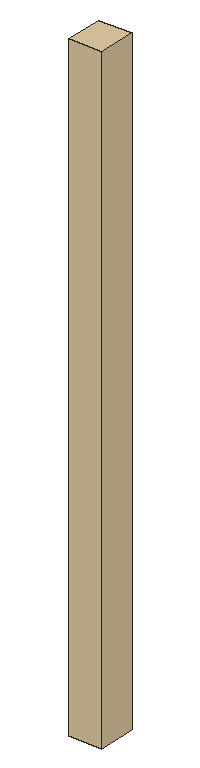
Revit family "집성재-서부 종-기둥", category 구조 기둥, Revit 2026
Family settings
  단면 모양 = 정의되지 않음
  모델 동작 재료 = 목재
  항상 형상으로 내보내기 = 아니오
  평면의 보 전환 = 경계 상자에서
  로드될 때 보이드를 사용하여 절단 = 아니오
  기호 표현 = 프로젝트 설정에서
  공유 = 아니오
  평면도에서 미리 절단된 패밀리 표시 = 예
Parameters (values of type "130 x 152")
  Structural Material [instance] = 목재 - 치수 재목
  b = 130 mm
  d = 152 mm
Types (3, lengths in mm): name | b
  (no name) | 130
  79 x 152 | 79
  130 x 152 | 130
Reference planes
  plane 1 "중심(앞/뒤)": y = 0
  plane 2: z = 0
  plane 3 "중심(왼쪽/오른쪽)": x = 0
  plane 4: x = -65
  plane 5: x = 65
  plane 6: y = 76
  plane 7: y = -76
Forms (mm)
  Extrusion 1, solid, material "목재 - 치수 재목" <- "Structural Material", detail levels medium+fine
    sketch origin (0, 0, 0) x (1, 0, 0) y (0, 1, 0)
      loop
        line (-65, 76) -> (-65, -76) -> (65, -76) -> (65, 76) -> (-65, 76)
    from 0 to 2500
Lines and regions (mm)
  symbolic lines, style "StructuralColumnStickSymbols", detail levels coarse
    curve 1: line (-65, 76, 0) -> (65, 76, 0)
    curve 2: line (-65, -76, 0) -> (65, -76, 0)
    curve 3: line (-65, 76, 0) -> (-65, -76, 0)
    curve 4: line (65, 76, 0) -> (65, -76, 0)
Dimensions and locks
  equal spacing: plane 4, plane 3 "중심(왼쪽/오른쪽)", plane 5
  equal spacing: plane 7, plane 1 "중심(앞/뒤)", plane 6
  "d": plane 7 to plane 6
  "b": plane 4 to plane 5
  aligned and locked: plane 6 to Extrusion 1 sketch curve
  aligned and locked: Extrusion 1 sketch curve to plane 7
  aligned and locked: Extrusion 1 sketch curve to plane 4
  aligned and locked: plane 5 to Extrusion 1 sketch curve
  aligned and locked: level to Extrusion 1
  aligned and locked: level to plane 2
  aligned and locked: Extrusion 1 to plane 2
Automatic sketch dimensions
  curve 3 to plane 4 = 0 mm
  curve 4 to plane 5 = 0 mm
  curve 3 to plane 7 = 0 mm
  curve 3 to plane 6 = 0 mm
